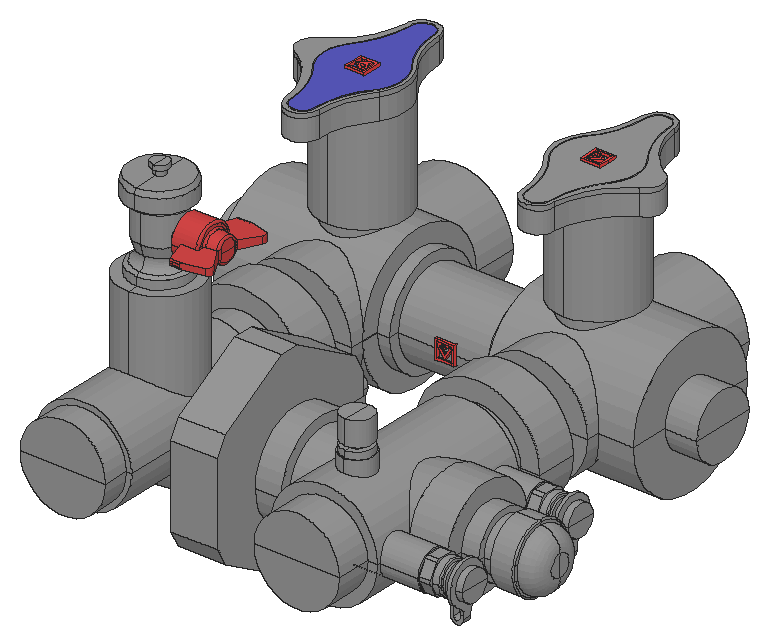
Revit family "HerzCon-Fan-coils and terminal units connection 120mm", category Rohrzubehör, Revit 2021
Family settings
  Bemaßung runder Anschluss = Durchmesser verwenden
  Teiletyp = Unterbricht
  OmniClass-Nummer = 23.65.55.14
  OmniClass-Titel = Valves for Liquid Services
  Arbeitsebenenbasiert = Nein
  Immer vertikal = Ja
  Beim Laden mit Abzugskörper schneiden = Nein
  Gemeinsam genutzt = Nein
Parameters (values of type "DN32")
  kvs-Wert (normal funktion) = 4.57  # constant formula
  kvs-Wert (bypass funktion) = 14.2  # constant formula
  Vorgabe-Ansicht = 0.00 mm
  URL = "www.herzvalves.com"
  SCRNSEQ = "ARM;TYP_ARM=\"DURR\";02"
  SCRNCODE = "05;04;04"  # constant formula
  Part number [instance] = 1460054  # constant formula
  Nennweite SF [instance] = 40.00 mm  # constant formula
  Nennweite Kombi [instance] = 40.00 mm  # constant formula
  Nennweite KH [instance] = 32.00 mm  # constant formula
  Min. operating temperature = -20 °C  # constant formula
  Membranes and O-rings = "EPDM"  # constant formula
  Medium = "Water purity in accordance with the ÖNORM H 5195 and VDI 2035 standards.\r\nEthylene and propylene glycol can be mixed to a ratio of 25 - 50 vol. [%]."
  Max. operating temperature = 130 °C  # constant formula
  Max. operating pressure = 2500000.0 Pa  # constant formula
  Max. differential pressure = 400000.0 Pa  # constant formula
  L11 = 16.00 mm  # constant formula
  L10 = 29.30 mm  # constant formula
  L09 = 20.00 mm  # constant formula
  L08 = 14.75 mm  # constant formula
  L07 = 19.25 mm  # constant formula
  L06 = 17.00 mm  # constant formula
  L05 = 26.50 mm  # constant formula
  L04 = 55.00 mm  # constant formula
  L03 = 22.40 mm  # constant formula
  L02 = 6.10 mm  # constant formula
  L01 = 15.00 mm  # constant formula
  L00 [instance] = 226.20 mm  # constant formula
  KR02 = 18.25 mm  # constant formula
  KR01 = 35.00 mm  # constant formula
  KL09 = 4.70 mm  # constant formula
  KL08 = KL06 + KL07  # 70.70 mm
  KL07 = 21.80 mm  # constant formula
  KL06 = KH01 + KL05  # 48.90 mm
  KL05 = 15.40 mm  # constant formula
  KL04 = 12.00 mm  # constant formula
  KL03 = KH03 - 9.00 mm  # 57.00 mm
  KL02 = 16.00 mm  # constant formula
  KL01 = 114.00 mm  # constant formula
  KH03 = 66.00 mm  # constant formula
  KH02 = KH01 + KD01  # 58.50 mm
  KH01 = 33.50 mm  # constant formula
  KD09 = 11.25 mm  # constant formula
  KD08 = 24.50 mm  # constant formula
  KD07 = 23.30 mm  # constant formula
  KD06 = 15.00 mm  # constant formula
  KD05 = 12.50 mm  # constant formula
  KD04 = 13.90 mm  # constant formula
  KD03 = 20.00 mm  # constant formula
  KD02 = 20.00 mm  # constant formula
  KD01 = 25.00 mm  # constant formula
  Lift = "4 mm"  # constant formula
  Hersteller = "HERZ Armaturen Ges.m.b.H."  # constant formula
  H01 = D02 + 1.00 mm  # 34.00 mm
  D10 = 21.40 mm  # constant formula
  D09 = 13.00 mm  # constant formula
  D08 = 18.40 mm  # constant formula
  D07 = 39.00 mm  # constant formula
  D06 = 45.00 mm  # constant formula
  D05 = 54.50 mm  # constant formula
  D04 = 20.00 mm  # constant formula
  D03 = 24.50 mm  # constant formula
  D02 = 33.00 mm  # constant formula
  D01 = 15.00 mm  # constant formula
  Body = "dezincification-resistant brass"  # constant formula
  Application = "HerzCON has been designed to give a simple connection to fan-coils, or other terminal units, and utilises the HERZ 4006 SMART Pressure Independent Balancing Control Valve with HERZ multifunctional ball valve and a HERZ strainer with HERZ drain valve 2512.\r\nOn/off or modulating 0 – 10 V DC actuators can be fitted and integrated to a BMS if required.\r\nThe unit allows pressure independent control ensuring full stroke regardless of pressure fluctuations, while guaranteeing a constant flow rate to the terminal unit maximising energy efficiency for the system.\r\nThe HerzCON unit also permits flushing and isolating operations to be undertaken.\r\nThis means there is no product differentiation between heating and chilled, one unit does both applications.\r\nThe drain cock fitted to the strainer allows flushing without the need to remove the strainer basket and also allows the strainer basket to be cleaned in-situ."
Reference planes
  plane 1 "Mitte (Vorne/hinten)": y = 0
  plane 2: z = 0
  plane 3 "Mitte (Links/rechts)": x = 0
Forms (mm)
  Revolve 1, solid, material "Messing, weicher Gelbton, geschweißt", detail levels fine
    sketch origin (0, -1.436, 0) x (1, 0, 0) y (0, 1, 0)
      loop
        line (-113.1, 1.436) -> (113.1, 1.436) -> (113.1, 16.436) -> (98.1, 16.436) -> (98.1, 34.436) -> (28.5, 34.436) -> (28.5, 25.936) -> (22.4, 25.936) -> (22.4, 21.436) -> (-22.4, 21.436) -> (-22.4, 25.936) -> (-28.5, 25.936) -> (-28.5, 34.436) -> (-98.1, 34.436) -> (-98.1, 16.436) -> (-113.1, 16.436) -> (-113.1, 1.436)
      axis (113.1, 1.436) -> (-113.1, 1.436)
    angle from 0 to 360
  Revolve 2, solid, material "Messing, weicher Gelbton, geschweißt", detail levels fine
    sketch origin (0, 0, 0) x (-1, 0, 0) y (0, 1, 0)
      loop
        line (-55, -57.4) -> (-55, 33.1) -> (-71, 33.1) -> (-71, 54.5) -> (-81.5, 54.5) -> (-81.5, -39) -> (-69.75, -39) -> (-69.75, -51.4) -> (-84.3, -51.4) -> (-84.3, -70.4) -> (-75, -70.4) -> (-75, -57.4) -> (-55, -57.4)
      axis (-55, -70.4) -> (-55, 54.5)
    angle from 0 to 360
  Revolve 3, solid, material "Messing, weicher Gelbton, geschweißt", detail levels fine
    sketch origin (0, 0, 0) x (1, 0, 0) y (0, 0, 1)
      loop
        line (-55, 0) -> (-55, 45) -> (-72, 45) -> (-72, 0) -> (-55, 0)
      axis (-55, 45) -> (-55, 0)
    angle from 0 to 360
  Revolve 4, solid, material "Messing, weicher Gelbton, geschweißt", detail levels fine
    sketch origin (0, 0, 0) x (-1, 0, 0) y (0, 0, 1)
      loop
        line (-55, 0) -> (-55, 45) -> (-72, 45) -> (-72, 0) -> (-55, 0)
      axis (-55, 45) -> (-55, 0)
    angle from 0 to 360
  Revolve 5, solid, material "Messing, weicher Gelbton, geschweißt", detail levels fine
    sketch origin (0, 0, 0) x (1, 0, 0) y (0, 1, 0)
      loop
        line (-55, -57.4) -> (-55, 33.1) -> (-71, 33.1) -> (-71, 54.5) -> (-81.5, 54.5) -> (-81.5, -39) -> (-69.75, -39) -> (-69.75, -51.4) -> (-84.3, -51.4) -> (-84.3, -70.4) -> (-75, -70.4) -> (-75, -57.4) -> (-55, -57.4)
      axis (-55, -70.4) -> (-55, 54.5)
    angle from 0 to 360
  Revolve 6, solid, material "Messing, weicher Gelbton, geschweißt", detail levels fine
    sketch origin (10, 7.177, 0) x (1, 0, 0) y (0, 1, 0)
      loop
        line (45, -68.677) -> (25, -68.677) -> (25, -84.677) -> (20, -84.677) -> (20, -166.677) -> (25, -166.677) -> (25, -182.677) -> (45, -182.677) -> (45, -68.677)
      axis (45, -68.677) -> (45, -182.677)
    angle from 0 to 360
  Revolve 7, solid, material "Messing, weicher Gelbton, geschweißt", detail levels fine
    sketch origin (10, -105.85, 0) x (1, 0, 0) y (0, 1, 0)
      loop
        line (11.5, -12.65) -> (11.5, -32.65) -> (45, -32.65) -> (70, -35.95) -> (87.8, -35.95) -> (87.8, -27.65) -> (96.3, -27.65) -> (96.3, -25.15) -> (102, -25.15) -> (102, -26.55) -> (111, -26.55) -> (111, -12.65) -> (11.5, -12.65)
      axis (11.5, -12.65) -> (111, -12.65)
    angle from 0 to 360
  Revolve 8, solid, material "Messing, weicher Gelbton, geschweißt", detail levels fine
    sketch origin (10, -105.85, 0) x (1, 0, 0) y (0, 1, 0)
      loop
        line (11.5, -12.65) -> (-3.9, -12.65) -> (-3.9, -23.9) -> (-0.5, -23.9) -> (-0.5, -37.15) -> (11.5, -37.15) -> (11.5, -12.65)
      axis (-3.9, -12.65) -> (11.5, -12.65)
    angle from 0 to 360
  Extrusion 9, solid, material "Messing, weicher Gelbton, geschweißt", detail levels fine
    sketch origin (-4.9, 62.574, 0) x (0, 1, 0) y (0, 0, 1)
      loop
        line (-176.324, 46) -> (-185.824, 46) -> (-218.536, 27.114) -> (-223.286, 18.886) -> (-223.286, -18.886) -> (-218.536, -27.114) -> (-185.824, -46) -> (-176.324, -46) -> (-143.612, -27.114) -> (-138.862, -18.886) -> (-138.862, 18.886) -> (-143.612, 27.114) -> (-176.324, 46)
    from 11 to -10.8
  Revolve 10, solid, material "Messing, weicher Gelbton, geschweißt", detail levels fine
    sketch origin (-4.9, -105.85, 0) x (1, 0, 0) y (0, 1, 0)
      loop
        line (-10.8, -12.65) -> (-10.8, 22.35) -> (-15.5, 5.6) -> (-15.5, -12.65) -> (-10.8, -12.65)
      axis (-15.5, -12.65) -> (-10.8, -12.65)
    angle from 0 to 360
  Extrusion 11, solid, material "Messing, weicher Gelbton, geschweißt", detail levels fine
    sketch origin (-4.9, -105.85, 0) x (1, 0, 0) y (0, 0, 1)
      loop
        line (11, 8) -> (-7.5, 8)
        arc (-7.5, 8) -> (-15.5, 0) -> (-7.5, -8) r 8
        line (-7.5, -8) -> (11, -8) -> (11, 8)
    from -30.847 to 12.65
  Revolve 12, solid, material "Messing, weicher Gelbton, geschweißt", detail levels fine
    sketch origin (-4.9, -105.85, 0) x (1, 0, 0) y (0, 1, 0)
      loop
        line (-14.5, 30.847) -> (-7.5, 30.847) -> (-7.5, 46.847) -> (-14.5, 46.847) -> (-14.5, 35.847) -> (-11.5, 35.847) -> (-11.5, 33.847) -> (-14.5, 33.847) -> (-14.5, 30.847)
      axis (-7.5, 46.847) -> (-7.5, 30.847)
    angle from 0 to 360
  Revolve 13, solid, material "Messing, weicher Gelbton, geschweißt", detail levels fine
    sketch origin (55, -105.85, 0) x (0, 1, 0) y (0, 0, 1)
      loop
        line (-34.65, 0) -> (-26.85, 0) -> (-26.85, 31) -> (-27.65, 31) -> (-27.65, 34) -> (-30.65, 34) -> (-30.65, 36) -> (-27.65, 36) -> (-27.65, 47) -> (-34.65, 47) -> (-34.65, 0)
      axis (-34.65, 47) -> (-34.65, 0)
    angle from 0 to 360
  Revolve 14, solid, material "Messing, weicher Gelbton, geschweißt", detail levels fine
    sketch origin (0, 0, 0) x (1, 0, 0) y (0, 1, 0)
      loop
        line (55, -96.5) -> (97.8, -96.5) -> (97.8, -87.5) -> (55, -87.5) -> (55, -96.5)
      axis (97.8, -87.5) -> (55, -87.5)
    angle from 0 to 360
  Revolve 15, solid, material "Messing, weicher Gelbton, geschweißt", detail levels fine
    sketch origin (0, -396.8, 0) x (1, 0, 0) y (0, -1, 0)
      loop
        line (55, -256.3) -> (97.8, -256.3) -> (97.8, -247.3) -> (55, -247.3) -> (55, -256.3)
      axis (97.8, -247.3) -> (55, -247.3)
    angle from 0 to 360
  Revolve 16, solid, material "Messing, weicher Gelbton, geschweißt", detail levels fine
    sketch origin (0, 251.113, 0) x (1, 0, 0) y (0, 1, 0)
      loop
        line (-55, -312.613) -> (-75, -312.613) -> (-75, -335.613) -> (-77.5, -335.613) -> (-77.5, -413.943) -> (-75, -413.943) -> (-75, -425.613) -> (-55, -425.613) -> (-55, -312.613)
      axis (-55, -312.613) -> (-55, -425.613)
    angle from 0 to 360
  Revolve 17, solid, material "Messing, weicher Gelbton, geschweißt", detail levels fine
    sketch origin (-55, 0, 0) x (0, 1, 0) y (0, 0, 1)
      loop
        line (-105, 0) -> (-105, -36)
        arc (-105, -36) -> (-92.506, -32.657) -> (-84.5, -22.5) r 20.5
        line (-84.5, -22.5) -> (-84.5, 0) -> (-105, 0)
      axis (-105, 0) -> (-105, -36)
    angle from 0 to 360
  Revolve 18, solid, material "Messing, weicher Gelbton, geschweißt", detail levels fine
    sketch origin (-55, -511.376, 0) x (0, 1, 0) y (0, 0, 1)
      loop
        line (393.376, 0) -> (411.876, 0) -> (411.876, 57) -> (406.876, 57) -> (406.876, 61) -> (404.999, 62.084)
        arc (404.999, 62.084) -> (402.831, 64.622) -> (402.743, 67.959) r 5
        line (402.743, 67.959) -> (404.381, 73) -> (404.381, 88) -> (406.581, 88) -> (406.581, 89.5) -> (408.361, 89.5) -> (408.361, 96) -> (407.361, 98.5) -> (395.861, 98.5) -> (395.861, 101.5) -> (397.361, 101.5) -> (397.361, 103.5) -> (393.376, 103.5) -> (393.376, 0)
      axis (393.376, 103.5) -> (393.376, 0)
    angle from 0 to 360
  Extrusion 19, solid, material "Messing, weicher Gelbton, geschweißt", detail levels fine
    sketch origin (5.52, -501.459, 12) x (0, 1, 0) y (0, 0, 1)
      loop
        circle (383.459, 65) r 5.5
    from -60.52 to -43.52
Dimensions and locks
  "L00": Revolve 1 sketch curve to Revolve 1 sketch curve
  "L01": Revolve 1 sketch curve to Revolve 1 sketch curve  (x2)
  "L02": Revolve 1 sketch curve to Revolve 1 sketch curve  (x2)
  equal spacing: Revolve 1 sketch curve, plane 3 "Mitte (Links/rechts)", Revolve 1 sketch curve
  "D01": Revolve 1 sketch curve to Revolve 1 sketch curve  (x2)
  "D02": Revolve 1 sketch curve to Revolve 1 sketch curve  (x2)
  "D03": Revolve 1 sketch curve to Revolve 1 sketch curve  (x2)
  "D04": Revolve 1 sketch curve to Revolve 1 sketch curve
  "D04": nested 2 to plane 1 "Mitte (Vorne/hinten)"
  "D04": nested 1 to plane 1 "Mitte (Vorne/hinten)"
  "L03": Revolve 1 sketch curve to plane 3 "Mitte (Links/rechts)" to Revolve 1 sketch curve
  "L05": Revolve 2 sketch curve to Revolve 2 sketch curve
  "L04": plane 3 "Mitte (Links/rechts)" to Revolve 2 sketch curve  (x2)
  "L04": plane 3 "Mitte (Links/rechts)" to Revolve 3 sketch curve  (x2)
  "L06": Revolve 3 sketch curve to Revolve 3 sketch curve
  "D06": Revolve 3 sketch curve to plane 2
  "L06": Revolve 4 sketch curve to Revolve 4 sketch curve
  "D06": Revolve 4 sketch curve to plane 2
  "L04": plane 3 "Mitte (Links/rechts)" to Revolve 4 sketch curve
  "L04": Revolve 4 sketch curve to plane 3 "Mitte (Links/rechts)"
  "L04": plane 3 "Mitte (Links/rechts)" to nested 3
  "L04": nested 4 to plane 3 "Mitte (Links/rechts)"
  "H01": nested 3 to plane 2
  "H01": nested 4 to plane 2
  "D05": plane 1 "Mitte (Vorne/hinten)" to Revolve 2 sketch curve
  "D07": Revolve 2 sketch curve to plane 1 "Mitte (Vorne/hinten)"
  "D08": Revolve 2 sketch curve to Revolve 2 sketch curve
  "L08": Revolve 2 sketch curve to Revolve 2 sketch curve
  "L10": Revolve 2 sketch curve to Revolve 2 sketch curve
  "L09": Revolve 2 sketch curve to Revolve 2 sketch curve
  "D09": Revolve 2 sketch curve to Revolve 2 sketch curve
  "L05": Revolve 5 sketch curve to Revolve 5 sketch curve
  "D08": Revolve 5 sketch curve to Revolve 5 sketch curve
  "L08": Revolve 5 sketch curve to Revolve 5 sketch curve
  "L10": Revolve 5 sketch curve to Revolve 5 sketch curve
  "L09": Revolve 5 sketch curve to Revolve 5 sketch curve
  "D09": Revolve 5 sketch curve to Revolve 5 sketch curve
  "D05": plane 1 "Mitte (Vorne/hinten)" to Revolve 5 sketch curve
  "D07": Revolve 5 sketch curve to plane 1 "Mitte (Vorne/hinten)"
  "L11": Revolve 5 sketch curve to Revolve 5 sketch curve
  "L04": Revolve 5 sketch curve to plane 3 "Mitte (Links/rechts)"  (x2)
  "D10": Revolve 5 sketch curve to Revolve 5 sketch curve
  "L11": Revolve 2 sketch curve to Revolve 2 sketch curve
  "D10": Revolve 2 sketch curve to Revolve 2 sketch curve
  "KD02": Revolve 6 sketch curve to Revolve 6 sketch curve  (x2)
  "KD01": Revolve 6 sketch curve to Revolve 6 sketch curve
  Revolve 6 sketch curve to Revolve 6 sketch curve = 114.00 mm
  "KL02": Revolve 6 sketch curve to Revolve 6 sketch curve  (x2)
  equal spacing: Revolve 6, Revolve 7 sketch curve, Revolve 6  (x2)
  Revolve 7 sketch curve to Revolve 7 sketch curve = 99.50 mm
  Revolve 7 sketch curve to Revolve 7 sketch curve = 9.00 mm
  Revolve 7 sketch curve to Revolve 7 sketch curve = 5.70 mm
  Revolve 7 sketch curve to Revolve 7 sketch curve = 8.50 mm
  "KD04": Revolve 7 sketch curve to Revolve 7 sketch curve
  "KD05": Revolve 7 sketch curve to Revolve 7 sketch curve
  "KD06": Revolve 7 sketch curve to Revolve 7 sketch curve
  "KD03": Revolve 7 sketch curve to Revolve 7 sketch curve
  "KH01": Revolve 7 sketch curve to Revolve 7 sketch curve
  "KH02": Revolve 7 sketch curve to Revolve 7 sketch curve
  "KH01": Revolve 8 sketch curve to Revolve 7
  equal spacing: Revolve 6, Revolve 8 sketch curve, Revolve 6  (x2)
  "KD08": Revolve 8 sketch curve to Revolve 8 sketch curve
  "KD09": Revolve 8 sketch curve to Revolve 8 sketch curve
  "KL05": Revolve 8 sketch curve to Revolve 8 sketch curve
  "KL04": Revolve 8 sketch curve to Revolve 8 sketch curve
  equal spacing: Revolve 6, Revolve 10 sketch curve, Revolve 6  (x2)
  "KR02": Revolve 10 sketch curve to Revolve 10 sketch curve
  "KR01": Revolve 10 sketch curve to Revolve 10 sketch curve
  "KL09": Revolve 10 sketch curve to Extrusion 9
  equal spacing: Revolve 6, nested 5, Revolve 6
  Revolve 12 sketch curve to Revolve 12 sketch curve = 7.00 mm  (x2)
  Revolve 12 sketch curve to Revolve 12 sketch curve = 4.00 mm
  Revolve 12 sketch curve to Revolve 12 sketch curve = 3.00 mm
  Revolve 12 sketch curve to Revolve 12 sketch curve = 2.00 mm
  Revolve 12 sketch curve to Revolve 12 sketch curve = 11.00 mm
  Revolve 10 to Revolve 12 sketch curve = 1.00 mm
  Revolve 10 to Revolve 12 sketch curve = 8.00 mm
  Extrusion 11 to Revolve 12 sketch curve = 43.497 mm
  equal spacing: Revolve 6, Extrusion 11, Revolve 6
  Revolve 13 sketch curve to Revolve 13 sketch curve = 7.80 mm
  Revolve 13 sketch curve to Revolve 13 sketch curve = 7.00 mm  (x2)
  Revolve 13 sketch curve to Revolve 13 sketch curve = 4.00 mm
  Revolve 13 sketch curve to Revolve 13 sketch curve = 3.00 mm
  Revolve 13 sketch curve to Revolve 13 sketch curve = 2.00 mm
  Revolve 13 sketch curve to Revolve 13 sketch curve = 11.00 mm
  "L04": plane 3 "Mitte (Links/rechts)" to Revolve 6 sketch curve  (x2)
  "KH03": Revolve 7 sketch curve to Revolve 7 sketch curve
  "KD07": Revolve 7 sketch curve to Revolve 7 sketch curve
  "KL03": Revolve 7 to nested 5
  "KL06": Extrusion 9 to Revolve 7
  Extrusion 9 sketch curve to Extrusion 9 sketch curve = 92.00 mm  (x3)
  Extrusion 9 sketch curve to Extrusion 9 sketch curve = 84.424 mm  (x3)
  "KL07": Extrusion 9 to Extrusion 9
  "KL08": Revolve 10 sketch curve to Revolve 7
  Revolve 6 to Extrusion 9 sketch curve = 14.788 mm
  Extrusion 9 sketch curve to Revolve 6 = 14.788 mm
  Extrusion 11 sketch curve to Extrusion 11 sketch curve = 26.50 mm
  Revolve 14 sketch curve to Revolve 14 sketch curve = 42.80 mm
  Revolve 14 sketch curve to Revolve 14 sketch curve = 9.00 mm
  Revolve 14 sketch curve to Revolve 6 = 26.00 mm  (x2)
  Revolve 15 sketch curve to Revolve 15 sketch curve = 42.80 mm
  Revolve 15 sketch curve to Revolve 15 sketch curve = 9.00 mm
  Revolve 6 to Revolve 15 sketch curve = 26.00 mm  (x2)
  Revolve 6 to nested 6 = 26.00 mm
  Revolve 7 to nested 6 = 42.80 mm
  nested 7 to Revolve 6 = 26.00 mm
  Revolve 7 to nested 7 = 42.80 mm
  Revolve 13 sketch curve to plane 2 = 31.00 mm
  Revolve 13 sketch curve to Revolve 6 = 35.00 mm  (x2)
  Revolve 2 to Revolve 6 = 230.00 mm
  Revolve 16 sketch curve to Revolve 16 sketch curve = 23.00 mm
  Revolve 16 sketch curve to Revolve 16 sketch curve = 11.67 mm
  Revolve 16 sketch curve to Revolve 16 sketch curve = 113.00 mm
  "L04": Revolve 16 sketch curve to plane 3 "Mitte (Links/rechts)"  (x2)
  Revolve 16 sketch curve to Revolve 16 sketch curve = 20.00 mm  (x2)
  Revolve 16 sketch curve to Revolve 16 sketch curve = 22.50 mm
  Revolve 17 sketch curve to Revolve 17 sketch curve = 22.50 mm
  Revolve 17 sketch curve to Revolve 17 sketch curve = 20.50 mm
  "L04": Revolve 17 to plane 3 "Mitte (Links/rechts)"
  Revolve 18 sketch curve to Revolve 18 sketch curve = 13.50 mm
  "L04": Revolve 18 to plane 3 "Mitte (Links/rechts)"
  Revolve 18 sketch curve to plane 2 = 57.00 mm
  Revolve 18 sketch curve to Revolve 18 sketch curve = 4.00 mm
  equal spacing: Revolve 16, Revolve 18 sketch curve, Revolve 16  (x2)
  "L04": Extrusion 19 to plane 3 "Mitte (Links/rechts)"
  Extrusion 19 to Extrusion 19 = 17.00 mm
  Revolve 18 to Extrusion 19 = 11.00 mm
  Revolve 18 to nested 8 = 11.00 mm
  equal spacing: Revolve 16, nested 8, Revolve 16
  equal spacing: Revolve 16, Extrusion 19 sketch curve, Revolve 16
  Revolve 16 to Revolve 5 = 229.00 mm
  Revolve 16 to Revolve 17 sketch curve = 43.50 mm  (x2)
  plane 2 to Revolve 17 sketch curve = 36.00 mm
  radius of Extrusion 11 sketch curve = 8.00 mm
  radius of Extrusion 19 sketch curve = 5.50 mm
  aligned and locked: level to plane 2
Automatic sketch dimensions
  Extrusion 9 sketch curve to level = 27.114 mm  (x2)
  Extrusion 9 sketch curve to Extrusion 9 sketch curve = 4.75 mm  (x2)
  level to Extrusion 9 sketch curve = 27.114 mm  (x2)
  Extrusion 9 sketch curve to Extrusion 9 sketch curve = 32.712 mm  (x2)
  level to Extrusion 9 sketch curve = 46.00 mm
  Extrusion 9 sketch curve to Extrusion 9 sketch curve = 9.50 mm
  Extrusion 9 sketch curve to Extrusion 9 sketch curve = 8.227 mm  (x2)
  Extrusion 11 sketch curve to level = 0.00 mm
  Extrusion 11 sketch curve to plane 3 "Mitte (Links/rechts)" = 12.40 mm
  Revolve 12 sketch curve to Revolve 12 sketch curve = 1.775 mm
  Revolve 12 sketch curve to Revolve 12 sketch curve = 4.225 mm
  Revolve 13 sketch curve to level = 0.00 mm
  level to Revolve 13 sketch curve = 7.505 mm
  Revolve 13 sketch curve to Revolve 13 sketch curve = 10.256 mm
  plane 3 "Mitte (Links/rechts)" to Revolve 14 sketch curve = 55.00 mm
  Revolve 14 sketch curve to Revolve 14 sketch curve = 12.80 mm
  Revolve 14 sketch curve to Revolve 14 sketch curve = 5.00 mm
  Revolve 15 sketch curve to plane 3 "Mitte (Links/rechts)" = 55.00 mm
  Revolve 15 sketch curve to Revolve 15 sketch curve = 12.80 mm
  Revolve 15 sketch curve to Revolve 15 sketch curve = 5.00 mm
  Revolve 17 sketch curve to level = 0.00 mm
  Revolve 17 sketch curve to Revolve 17 sketch curve = 1.219 mm
  Revolve 17 sketch curve to Revolve 17 sketch curve = 6.00 mm
  Revolve 17 sketch curve to level = 5.00 mm
  Revolve 18 sketch curve to level = 0.00 mm
  Revolve 18 sketch curve to Revolve 18 sketch curve = 2.485 mm
  Revolve 18 sketch curve to Revolve 18 sketch curve = 1.50 mm  (x2)
  level to Revolve 18 sketch curve = 67.959 mm
  Revolve 18 sketch curve to Revolve 18 sketch curve = 6.883 mm
  Revolve 18 sketch curve to Revolve 18 sketch curve = 8.52 mm
  level to Revolve 18 sketch curve = 62.084 mm
  Revolve 18 sketch curve to Revolve 18 sketch curve = 2.255 mm
  Revolve 18 sketch curve to Revolve 18 sketch curve = 2.20 mm
  level to Revolve 18 sketch curve = 98.50 mm
  Revolve 18 sketch curve to Revolve 18 sketch curve = 0.78 mm
  Revolve 18 sketch curve to Revolve 18 sketch curve = 2.50 mm  (x2)
  Revolve 18 sketch curve to Revolve 18 sketch curve = 1.78 mm
  Revolve 18 sketch curve to Revolve 18 sketch curve = 5.041 mm
  Revolve 18 sketch curve to Revolve 18 sketch curve = 10.50 mm
  Revolve 18 sketch curve to Revolve 18 sketch curve = 3.00 mm
  Revolve 18 sketch curve to Revolve 18 sketch curve = 2.00 mm
  Revolve 18 sketch curve to Revolve 18 sketch curve = 8.124 mm
  Revolve 18 sketch curve to Revolve 18 sketch curve = 5.00 mm
  Revolve 18 sketch curve to Revolve 18 sketch curve = 21.227 mm
  level to Extrusion 19 sketch curve = 77.00 mm
  Revolve 1 sketch curve to plane 1 "Mitte (Vorne/hinten)" = 0.00 mm
  plane 1 "Mitte (Vorne/hinten)" to Revolve 1 sketch curve = 0.00 mm
  Revolve 1 sketch curve to Revolve 1 sketch curve = 1904.835 mm  (x2)
  Revolve 2 sketch curve to Revolve 2 sketch curve = 6.00 mm
  Revolve 2 sketch curve to Revolve 2 sketch curve = 7.746 mm
  Revolve 2 sketch curve to Revolve 2 sketch curve = 7.208 mm
  Revolve 3 sketch curve to level = 0.00 mm  (x2)
  Revolve 3 sketch curve to Revolve 3 sketch curve = 6.726 mm
  Revolve 4 sketch curve to level = 0.00 mm  (x2)
  Revolve 4 sketch curve to Revolve 4 sketch curve = 6.726 mm
  Revolve 5 sketch curve to Revolve 5 sketch curve = 6.00 mm
  Revolve 5 sketch curve to Revolve 5 sketch curve = 7.746 mm
  Revolve 5 sketch curve to Revolve 5 sketch curve = 7.208 mm
  plane 1 "Mitte (Vorne/hinten)" to Revolve 6 sketch curve = 175.50 mm
  Revolve 6 sketch curve to Revolve 6 sketch curve = 6.00 mm
  Revolve 6 sketch curve to Revolve 6 sketch curve = 5.00 mm
  plane 3 "Mitte (Links/rechts)" to Revolve 7 sketch curve = 21.50 mm
  Revolve 7 sketch curve to Revolve 7 sketch curve = 5.00 mm
  Revolve 7 sketch curve to Revolve 7 sketch curve = 11.575 mm
  Revolve 8 sketch curve to Revolve 8 sketch curve = 2.197 mm
  Revolve 8 sketch curve to Revolve 8 sketch curve = 3.212 mm
  Revolve 10 sketch curve to Revolve 10 sketch curve = 0.00 mm  (x2)
  plane 1 "Mitte (Vorne/hinten)" to Revolve 16 sketch curve = 174.50 mm
  Revolve 16 sketch curve to Revolve 16 sketch curve = 26.33 mm
  Revolve 16 sketch curve to Revolve 16 sketch curve = 12.00 mm
Nested families
  nested 1: "Herz-Logo-vorne" at (0, -20, 0) x (0, 1, 0) z (0, 0, 1), type "Herz-Logo-vorne", detail levels fine
  nested 2: "Herz-Logo-vorne" at (0, 20, 0) x (0, 1, 0) z (0, 0, 1), type "Herz-Logo-vorne", detail levels fine
  nested 3: "Handrad (blau) für HerzCon DN25-DN32" at (-55, 0, 34) x (0, -1, 0) z (0, 0, 1), type "Handrad (blau) für HerzCon DN25-DN32", detail levels fine
  nested 4: "Handrad (rot) für HerzCon DN25-DN32" at (55, 0, 34) x (0, 1, 0) z (0, 0, 1), type "Handrad (rot) für HerzCon DN25-DN32", detail levels fine
  nested 5: "Bauschutzkappe für HerCon" at (112, -118.5, 0), type "Bauschutzkappe für HerCon", detail levels fine
  nested 6: "Messstutzen_Band_Eintritt" at (80.3, -149.5, 0) x (0, 1, 0) z (0, 0, 1), type "Messstutzen_Band_Eintritt", detail levels fine
    with Schutzkappe yes, Nennweite 0.00 mm, Gewicht 0.00 kg, Bestellnummer 0
  nested 7: "Messstutzen_Band_Austritt" at (80.3, -87.5, 0) x (0, 1, 0) z (0, 0, 1), type "Messstutzen_Band_Austritt", detail levels fine
    with Schutzkappe yes, Nennweite 0.00 mm, Gewicht 0.00 kg, Bestellnummer 0
  nested 8: "Flügelgriff rot (seite)" at (-42, -118, 77), type "Flügelgriff rot (seite)"
Connectors
  piping at (55, -175.5, 0), diameter 40, driven by "Nennweite Kombi"
    settings: on Revolve 6, index 1, connector inside diameter 609.6 mm, connector length 0.00 mm, flow factor 0, pipe flow 0.0 L/s, pressure drop 0.0 Pa, fitting loss kfactor 0, connector angle 0.00°, fixture units 0, engagement length 0.00 mm, angle of deflection 0.00°, flow configuration 0, flow direction 1, fitting loss method 0, system type 7, joint type 0, gender type 0, connector reference index -1, connector utility 0, adjustable connector no, is connector primary yes, connector description ""
  piping at (-55, -174.5, 0), diameter 40, driven by "Nennweite SF"
    settings: on Revolve 16, index 2, connector inside diameter 609.6 mm, connector length 0.00 mm, flow factor 0, pipe flow 0.0 L/s, pressure drop 0.0 Pa, fitting loss kfactor 0, connector angle 0.00°, fixture units 0, engagement length 0.00 mm, angle of deflection 0.00°, flow configuration 0, flow direction 2, fitting loss method 0, system type 8, joint type 0, gender type 0, connector reference index -1, connector utility 0, adjustable connector no, is connector primary no, connector description ""
  piping at (55, 33.1, 0), diameter 32, driven by "Nennweite KH"
    settings: on Revolve 2, index 3, connector inside diameter 609.6 mm, connector length 0.00 mm, flow factor 0, pipe flow 0.0 L/s, pressure drop 0.0 Pa, fitting loss kfactor 0, connector angle 0.00°, fixture units 0, engagement length 0.00 mm, angle of deflection 0.00°, flow configuration 0, flow direction 2, fitting loss method 0, system type 7, joint type 0, gender type 0, connector reference index -1, connector utility 0, adjustable connector no, is connector primary no, connector description ""
  piping at (-55, 33.1, 0), diameter 32, driven by "Nennweite KH"
    settings: on Revolve 5, index 4, connector inside diameter 609.6 mm, connector length 0.00 mm, flow factor 0, pipe flow 0.0 L/s, pressure drop 0.0 Pa, fitting loss kfactor 0, connector angle 0.00°, fixture units 0, engagement length 0.00 mm, angle of deflection 0.00°, flow configuration 0, flow direction 1, fitting loss method 0, system type 8, joint type 0, gender type 0, connector reference index -1, connector utility 0, adjustable connector no, is connector primary no, connector description ""
Definition of nested family "Herz-Logo-vorne"
  Parameters (values of type "Herz-Logo-vorne")
    Default Elevation = 0.00 mm
  Reference planes
    plane 1 "Mitte (Vorne/hinten)": y = 0
    plane 2: z = 0
    plane 3 "Mitte (Links/rechts)": x = 0
  Forms (mm)
    Extrusion 1, solid
      sketch origin (0.732, -0.018, 0.017) x (0, -1, 0) y (0, 0, 1)
        loop
          line (-0.018, -4.517) -> (4.482, -4.517) -> (4.482, 4.483) -> (-4.518, 4.483) -> (-4.518, -4.517) -> (-0.018, -4.517)
        loop
          line (-0.05, -3.48) -> (3.482, -3.48) -> (3.482, 3.483) -> (-3.518, 3.483) -> (-3.518, -3.48) -> (-0.05, -3.48)
        loop
          arc (-0.018, 2.383) -> (-1.543, 3.287) -> (-3.067, 2.383) r 1.738
          arc (-3.067, 2.383) -> (-3.191, 1.899) -> (-3.067, 1.415) r 1.009
          line (-3.067, 1.415) -> (-0.018, -3.281) -> (3.032, 1.415)
          arc (3.032, 1.415) -> (3.156, 1.899) -> (3.032, 2.383) r 1.009
          arc (3.032, 2.383) -> (1.507, 3.287) -> (-0.018, 2.383) r 1.738
        loop
          arc (1.885, 1.272) -> (2.005, 1.675) -> (1.885, 2.079) r 0.74
          arc (1.885, 2.079) -> (1.265, 2.416) -> (0.644, 2.079) r 0.74
          line (0.644, 2.079) -> (-0.018, 0.97) -> (-0.679, 2.079)
          arc (-0.679, 2.079) -> (-1.3, 2.416) -> (-1.921, 2.079) r 0.74
          arc (-1.921, 2.079) -> (-2.04, 1.675) -> (-1.921, 1.272) r 0.74
          line (-1.921, 1.272) -> (-0.018, -1.658) -> (1.885, 1.272)
      from 0 to 1.5
  Dimensions and locks
    aligned and locked: level to plane 2
Definition of nested family "Handrad (blau) für HerzCon DN25-DN32"
  Parameters (values of type "Handrad (blau) für HerzCon DN25-DN32")
    Default Elevation = 0.00 mm
  Reference planes
    plane 1 "Mitte (Vorne/hinten)": y = 0
    plane 2: z = 0
    plane 3 "Mitte (Links/rechts)": x = 0
  Forms (mm)
    Extrusion 1, solid, detail levels fine
      sketch origin (0, 0, 0) x (1, 0, 0) y (0, 1, 0)
        loop
          circle (0, 0) r 20
      from 0 to 45
    Extrusion 2, solid, detail levels fine
      sketch origin (0, 0, 0) x (1, 0, 0) y (0, 1, 0)
        loop
          arc (-35, 7.5) -> (-42.5, 0) -> (-35, -7.5) r 7.5
          arc (-35, -7.5) -> (-19.287, -13.2) -> (-7.275, -24.825) r 40
          arc (-7.275, -24.825) -> (0, -30) -> (7.275, -24.825) r 7.7
          arc (7.275, -24.825) -> (19.287, -13.2) -> (35, -7.5) r 40
          arc (35, -7.5) -> (42.5, 0) -> (35, 7.5) r 7.5
          arc (35, 7.5) -> (22.22, 10.127) -> (10.965, 16.726) r 40
          arc (10.965, 16.726) -> (0, 20) -> (-10.965, 16.726) r 20
          arc (-10.965, 16.726) -> (-22.22, 10.127) -> (-35, 7.5) r 40
      from 45 to 55
    Extrusion 3, solid, detail levels fine
      sketch origin (0, 0, 0) x (1, 0, 0) y (0, 1, 0)
        loop
          arc (-35, 7.5) -> (-42.5, 0) -> (-35, -7.5) r 7.5
          arc (-35, -7.5) -> (-19.287, -13.2) -> (-7.275, -24.825) r 40
          arc (-7.275, -24.825) -> (0, -30) -> (7.275, -24.825) r 7.7
          arc (7.275, -24.825) -> (19.287, -13.2) -> (35, -7.5) r 40
          arc (35, -7.5) -> (42.5, 0) -> (35, 7.5) r 7.5
          arc (35, 7.5) -> (22.22, 10.127) -> (10.965, 16.726) r 40
          arc (10.965, 16.726) -> (0, 20) -> (-10.965, 16.726) r 20
          arc (-10.965, 16.726) -> (-22.22, 10.127) -> (-35, 7.5) r 40
        loop
          arc (-34.965, 5.5) -> (-40.5, 0) -> (-34.965, -5.5) r 5.5
          arc (-34.965, -5.5) -> (-21.579, -8.231) -> (-9.777, -15.113) r 42
          arc (-9.777, -15.113) -> (0, -18) -> (9.777, -15.113) r 18
          arc (9.777, -15.113) -> (21.579, -8.231) -> (34.965, -5.5) r 42
          arc (34.965, -5.5) -> (40.5, 0) -> (34.965, 5.5) r 5.5
          arc (34.965, 5.5) -> (21.579, 8.231) -> (9.777, 15.113) r 42
          arc (9.777, 15.113) -> (0, 18) -> (-9.777, 15.113) r 18
          arc (-9.777, 15.113) -> (-21.579, 8.231) -> (-34.965, 5.5) r 42
      from 55 to 57
    Extrusion 4, solid, detail levels fine
      sketch origin (0, 0, 0) x (1, 0, 0) y (0, 1, 0)
        loop
          arc (-34.965, 5.5) -> (-40.5, 0) -> (-34.965, -5.5) r 5.5
          arc (-34.965, -5.5) -> (-21.579, -8.231) -> (-9.777, -15.113) r 42
          arc (-9.777, -15.113) -> (0, -18) -> (9.777, -15.113) r 18
          arc (9.777, -15.113) -> (21.579, -8.231) -> (34.965, -5.5) r 42
          arc (34.965, -5.5) -> (40.5, 0) -> (34.965, 5.5) r 5.5
          arc (34.965, 5.5) -> (21.579, 8.231) -> (9.777, 15.113) r 42
          arc (9.777, 15.113) -> (0, 18) -> (-9.777, 15.113) r 18
          arc (-9.777, 15.113) -> (-21.579, 8.231) -> (-34.965, 5.5) r 42
      from 55 to 57
  Dimensions and locks
    aligned and locked: level to plane 2
  Nested families
    nested 1: "Herz-Logo" at (0, 0, 56.5), type "Herz-Logo", detail levels fine
  Definition of nested family "Herz-Logo"
    Parameters (values of type "Herz-Logo")
      Default Elevation = 0.00 mm
    Reference planes
      plane 1 "Mitte (Vorne/hinten)": y = 0
      plane 2: z = 0
      plane 3 "Mitte (Links/rechts)": x = 0
    Forms (mm)
      Extrusion 1, solid
        sketch origin (0, 0, 0) x (1, 0, 0) y (0, 1, 0)
          loop
            line (-0.018, -4.517) -> (4.482, -4.517) -> (4.482, 4.483) -> (-4.518, 4.483) -> (-4.518, -4.517) -> (-0.018, -4.517)
          loop
            line (-0.05, -3.48) -> (3.482, -3.48) -> (3.482, 3.483) -> (-3.518, 3.483) -> (-3.518, -3.48) -> (-0.05, -3.48)
          loop
            arc (-0.018, 2.383) -> (-1.543, 3.287) -> (-3.067, 2.383) r 1.738
            arc (-3.067, 2.383) -> (-3.191, 1.899) -> (-3.067, 1.415) r 1.009
            line (-3.067, 1.415) -> (-0.018, -3.281) -> (3.032, 1.415)
            arc (3.032, 1.415) -> (3.156, 1.899) -> (3.032, 2.383) r 1.009
            arc (3.032, 2.383) -> (1.507, 3.287) -> (-0.018, 2.383) r 1.738
          loop
            arc (1.885, 1.272) -> (2.005, 1.675) -> (1.885, 2.079) r 0.74
            arc (1.885, 2.079) -> (1.265, 2.416) -> (0.644, 2.079) r 0.74
            line (0.644, 2.079) -> (-0.018, 0.97) -> (-0.679, 2.079)
            arc (-0.679, 2.079) -> (-1.3, 2.416) -> (-1.921, 2.079) r 0.74
            arc (-1.921, 2.079) -> (-2.04, 1.675) -> (-1.921, 1.272) r 0.74
            line (-1.921, 1.272) -> (-0.018, -1.658) -> (1.885, 1.272)
        from 0 to 1.5
    Dimensions and locks
      aligned and locked: level to plane 2
Definition of nested family "Handrad (rot) für HerzCon DN25-DN32"
  Parameters (values of type "Handrad (rot) für HerzCon DN25-DN32")
    Default Elevation = 0.00 mm
  Reference planes
    plane 1 "Mitte (Vorne/hinten)": y = 0
    plane 2: z = 0
    plane 3 "Mitte (Links/rechts)": x = 0
  Forms (mm)
    Extrusion 1, solid, detail levels fine
      sketch origin (0, 0, 0) x (1, 0, 0) y (0, 1, 0)
        loop
          circle (0, 0) r 20
      from 0 to 45
    Extrusion 2, solid, detail levels fine
      sketch origin (0, 0, 0) x (1, 0, 0) y (0, 1, 0)
        loop
          arc (-35, 7.5) -> (-42.5, 0) -> (-35, -7.5) r 7.5
          arc (-35, -7.5) -> (-19.287, -13.2) -> (-7.275, -24.825) r 40
          arc (-7.275, -24.825) -> (0, -30) -> (7.275, -24.825) r 7.7
          arc (7.275, -24.825) -> (19.287, -13.2) -> (35, -7.5) r 40
          arc (35, -7.5) -> (42.5, 0) -> (35, 7.5) r 7.5
          arc (35, 7.5) -> (22.22, 10.127) -> (10.965, 16.726) r 40
          arc (10.965, 16.726) -> (0, 20) -> (-10.965, 16.726) r 20
          arc (-10.965, 16.726) -> (-22.22, 10.127) -> (-35, 7.5) r 40
      from 45 to 55
    Extrusion 3, solid, detail levels fine
      sketch origin (0, 0, 0) x (1, 0, 0) y (0, 1, 0)
        loop
          arc (-35, 7.5) -> (-42.5, 0) -> (-35, -7.5) r 7.5
          arc (-35, -7.5) -> (-19.287, -13.2) -> (-7.275, -24.825) r 40
          arc (-7.275, -24.825) -> (0, -30) -> (7.275, -24.825) r 7.7
          arc (7.275, -24.825) -> (19.287, -13.2) -> (35, -7.5) r 40
          arc (35, -7.5) -> (42.5, 0) -> (35, 7.5) r 7.5
          arc (35, 7.5) -> (22.22, 10.127) -> (10.965, 16.726) r 40
          arc (10.965, 16.726) -> (0, 20) -> (-10.965, 16.726) r 20
          arc (-10.965, 16.726) -> (-22.22, 10.127) -> (-35, 7.5) r 40
        loop
          arc (-34.965, 5.5) -> (-40.5, 0) -> (-34.965, -5.5) r 5.5
          arc (-34.965, -5.5) -> (-21.579, -8.231) -> (-9.777, -15.113) r 42
          arc (-9.777, -15.113) -> (0, -18) -> (9.777, -15.113) r 18
          arc (9.777, -15.113) -> (21.579, -8.231) -> (34.965, -5.5) r 42
          arc (34.965, -5.5) -> (40.5, 0) -> (34.965, 5.5) r 5.5
          arc (34.965, 5.5) -> (21.579, 8.231) -> (9.777, 15.113) r 42
          arc (9.777, 15.113) -> (0, 18) -> (-9.777, 15.113) r 18
          arc (-9.777, 15.113) -> (-21.579, 8.231) -> (-34.965, 5.5) r 42
      from 55 to 57
    Extrusion 4, solid, detail levels fine
      sketch origin (0, 0, 0) x (1, 0, 0) y (0, 1, 0)
        loop
          arc (-34.965, 5.5) -> (-40.5, 0) -> (-34.965, -5.5) r 5.5
          arc (-34.965, -5.5) -> (-21.579, -8.231) -> (-9.777, -15.113) r 42
          arc (-9.777, -15.113) -> (0, -18) -> (9.777, -15.113) r 18
          arc (9.777, -15.113) -> (21.579, -8.231) -> (34.965, -5.5) r 42
          arc (34.965, -5.5) -> (40.5, 0) -> (34.965, 5.5) r 5.5
          arc (34.965, 5.5) -> (21.579, 8.231) -> (9.777, 15.113) r 42
          arc (9.777, 15.113) -> (0, 18) -> (-9.777, 15.113) r 18
          arc (-9.777, 15.113) -> (-21.579, 8.231) -> (-34.965, 5.5) r 42
      from 55 to 57
  Dimensions and locks
    aligned and locked: level to plane 2
  Nested families
    nested 1: "Herz-Logo" at (0, 0, 56.5), type "Herz-Logo", detail levels fine
  Definition of nested family "Herz-Logo"
    Parameters (values of type "Herz-Logo")
      Default Elevation = 0.00 mm
    Reference planes
      plane 1 "Mitte (Vorne/hinten)": y = 0
      plane 2: z = 0
      plane 3 "Mitte (Links/rechts)": x = 0
    Forms (mm)
      Extrusion 1, solid
        sketch origin (0, 0, 0) x (1, 0, 0) y (0, 1, 0)
          loop
            line (-0.018, -4.517) -> (4.482, -4.517) -> (4.482, 4.483) -> (-4.518, 4.483) -> (-4.518, -4.517) -> (-0.018, -4.517)
          loop
            line (-0.05, -3.48) -> (3.482, -3.48) -> (3.482, 3.483) -> (-3.518, 3.483) -> (-3.518, -3.48) -> (-0.05, -3.48)
          loop
            arc (-0.018, 2.383) -> (-1.543, 3.287) -> (-3.067, 2.383) r 1.738
            arc (-3.067, 2.383) -> (-3.191, 1.899) -> (-3.067, 1.415) r 1.009
            line (-3.067, 1.415) -> (-0.018, -3.281) -> (3.032, 1.415)
            arc (3.032, 1.415) -> (3.156, 1.899) -> (3.032, 2.383) r 1.009
            arc (3.032, 2.383) -> (1.507, 3.287) -> (-0.018, 2.383) r 1.738
          loop
            arc (1.885, 1.272) -> (2.005, 1.675) -> (1.885, 2.079) r 0.74
            arc (1.885, 2.079) -> (1.265, 2.416) -> (0.644, 2.079) r 0.74
            line (0.644, 2.079) -> (-0.018, 0.97) -> (-0.679, 2.079)
            arc (-0.679, 2.079) -> (-1.3, 2.416) -> (-1.921, 2.079) r 0.74
            arc (-1.921, 2.079) -> (-2.04, 1.675) -> (-1.921, 1.272) r 0.74
            line (-1.921, 1.272) -> (-0.018, -1.658) -> (1.885, 1.272)
        from 0 to 1.5
    Dimensions and locks
      aligned and locked: level to plane 2
Definition of nested family "Bauschutzkappe für HerCon"
  Parameters (values of type "Bauschutzkappe für HerCon")
    Default Elevation = 0.00 mm
  Reference planes
    plane 1 "Mitte (Vorne/hinten)": y = 0
    plane 2: z = 0
    plane 3 "Mitte (Links/rechts)": x = 0
  Forms (mm)
    Revolve 1, solid, detail levels fine
      sketch origin (0, 0, 0) x (0, 0, 1) y (-1, 0, 0)
        loop
          line (0, 0) -> (-15.5, 0) -> (-15.5, -10.067)
          arc (-15.5, -10.067) -> (-15.733, -10.629) -> (-15.25, -11) r 0.5
          line (-15.25, -11) -> (-14.093, -11)
          arc (-14.093, -11) -> (-11.457, -17.364) -> (-5.093, -20) r 9
          line (-5.093, -20) -> (0, -20) -> (0, 0)
        axis (0, 0) -> (0, -20)
      angle from 0 to 360
  Dimensions and locks
    aligned and locked: level to plane 2
Definition of nested family "Messstutzen_Band_Eintritt"
  Parameters (values of type "Messstutzen_Band_Eintritt")
    Default Elevation = 0.00 mm
    URL = "www.herz-armaturen.at"
    Schutzkappe [instance] = yes
    Nennweite [instance] = 0.00 mm
    Manufacturer = "Herz Armaturen GmbH"  # constant formula
    Gewicht [instance] = 0.00 kg
    Bestellnummer [instance] = 0
  Reference planes
    plane 1 "Mitte (Vorne/hinten)": y = 0
    plane 2: z = 0
    plane 3 "Mitte (Links/rechts)": x = 0
    plane 4 "Schlaufe 1": y = -27
    plane 5 "Schlaufe 2": y = -31.678
  Forms (mm)
    Revolve 1, solid, detail levels fine
      sketch origin (0, 0, 0) x (1, 0, 0) y (0, 1, 0)
        loop
          line (-7.4, -9) -> (-7.4, -16.5)
          arc (-7.4, -16.5) -> (-7.693, -17.207) -> (-8.4, -17.5) r 1
          line (-8.4, -17.5) -> (-2, -17.5) -> (-2, 0) -> (-5.555, 0) -> (-6.455, -0.9) -> (-6.455, -4.681) -> (-5.843, -5.293)
          arc (-5.843, -5.293) -> (-5.626, -5.617) -> (-5.55, -6) r 1
          line (-5.55, -6) -> (-5.55, -9) -> (-7.4, -9)
        loop
          line (-3.7, -27) -> (-3.7, -30.45) -> (-4.415, -30.863) -> (-4.415, -35.19) -> (-3.805, -35.8) -> (-2, -35.8) -> (-2, -23) -> (-7.9, -23) -> (-7.9, -26.4) -> (-7.3, -27) -> (-3.7, -27)
        axis (0, 0) -> (0, -35.8)
      angle from 0 to 360
    Extrusion 2, solid, detail levels fine
      sketch origin (0, -17.5, 0) x (-1, 0, 0) y (0, 0, -1)
        loop
          line (5.156, -7.07) -> (8.7, -0.93)
          arc (8.7, -0.93) -> (8.75, 0) -> (8.7, 0.93) r 8.75
          line (8.7, 0.93) -> (5.156, 7.07)
          arc (5.156, 7.07) -> (4.375, 7.578) -> (3.544, 8) r 8.75
          line (3.544, 8) -> (-3.544, 8)
          arc (-3.544, 8) -> (-4.375, 7.578) -> (-5.156, 7.07) r 8.75
          line (-5.156, 7.07) -> (-8.7, 0.93)
          arc (-8.7, 0.93) -> (-8.75, 0) -> (-8.7, -0.93) r 8.75
          line (-8.7, -0.93) -> (-5.156, -7.07)
          arc (-5.156, -7.07) -> (-4.375, -7.578) -> (-3.544, -8) r 8.75
          line (-3.544, -8) -> (3.544, -8)
          arc (3.544, -8) -> (4.375, -7.578) -> (5.156, -7.07) r 8.75
      from 0 to 5.5
    Revolve 3, solid, visible <- "Schutzkappe", detail levels fine
      sketch origin (0, 0, 0) x (1, 0, 0) y (0, 1, 0)
        loop
          line (0, -35.878) -> (-3.805, -35.878) -> (-4.415, -35.268) -> (-4.415, -30.178) -> (-6.9, -30.178) -> (-6.9, -31.678) -> (-6.1, -31.678) -> (-6.1, -33.378) -> (-7, -33.378) -> (-7, -36.678) -> (0, -36.678) -> (0, -35.878)
        axis (0, -30.178) -> (0, -36.678)
      angle from 0 to 360
    Extrusion 4, solid, detail levels fine
      sketch origin (0, -27, 0) x (0, 0, -1) y (-1, 0, 0)
        loop
          circle (0, 0) r 3.7
        loop
          arc (5.505, 3.906) -> (-6.75, 0) -> (5.505, -3.906) r 6.75
          arc (5.505, -3.906) -> (7.288, -2.358) -> (9.582, -1.8) r 5
          line (9.582, -1.8) -> (9.582, 1.8)
          arc (9.582, 1.8) -> (7.288, 2.358) -> (5.505, 3.906) r 5
      from 0 to -1.5
    Extrusion 5, solid, detail levels fine
      sketch origin (0, -31.678, 0) x (0, 0, -1) y (-1, 0, 0)
        loop
          circle (0, 0) r 6.1
        loop
          arc (8.652, 4.495) -> (-9.75, 0) -> (8.652, -4.495) r 9.75
          arc (8.652, -4.495) -> (10.493, -2.527) -> (13.089, -1.8) r 5
          line (13.089, -1.8) -> (13.089, 1.8)
          arc (13.089, 1.8) -> (10.493, 2.527) -> (8.652, 4.495) r 5
      from 0 to -1.5
    Sweep 6, solid, detail levels fine
      path origin (0, 0, 0) x (0, 1, 0) y (0, 0, 1)
        loop
          line (-27.75, -9.582) -> (-27.75, -14.522)
          arc (-27.75, -14.522) -> (-30.089, -16.862) -> (-32.428, -14.522) r 2.339
          line (-32.428, -14.522) -> (-32.428, -13.089)
      profile origin (0, -27.75, -12.052) x (1, 0, 0) y (0, 1, 0)
        loop
          line (-1.8, 0.75) -> (-1.8, -0.75) -> (1.8, -0.75) -> (1.8, 0.75) -> (-1.8, 0.75)
  Cuts and joins
    joined: Extrusion 4, Extrusion 5, Sweep 6
  Dimensions and locks
    aligned and locked: level to plane 2
Definition of nested family "Messstutzen_Band_Austritt"
  Parameters (values of type "Messstutzen_Band_Austritt")
    Default Elevation = 0.00 mm
    URL = "www.herz-armaturen.at"
    Schutzkappe [instance] = yes
    Nennweite [instance] = 0.00 mm
    Manufacturer = "Herz Armaturen GmbH"  # constant formula
    Gewicht [instance] = 0.00 kg
    Bestellnummer [instance] = 0
  Reference planes
    plane 1 "Mitte (Vorne/hinten)": y = 0
    plane 2: z = 0
    plane 3 "Mitte (Links/rechts)": x = 0
    plane 4 "Schlaufe 1": y = -27
    plane 5 "Schlaufe 2": y = -31.678
  Forms (mm)
    Revolve 1, solid, detail levels fine
      sketch origin (0, 0, 0) x (1, 0, 0) y (0, 1, 0)
        loop
          line (-7.4, -9) -> (-7.4, -16.5)
          arc (-7.4, -16.5) -> (-7.693, -17.207) -> (-8.4, -17.5) r 1
          line (-8.4, -17.5) -> (-2, -17.5) -> (-2, 0) -> (-5.555, 0) -> (-6.455, -0.9) -> (-6.455, -4.681) -> (-5.843, -5.293)
          arc (-5.843, -5.293) -> (-5.626, -5.617) -> (-5.55, -6) r 1
          line (-5.55, -6) -> (-5.55, -9) -> (-7.4, -9)
        loop
          line (-3.7, -27) -> (-3.7, -30.45) -> (-4.415, -30.863) -> (-4.415, -35.19) -> (-3.805, -35.8) -> (-2, -35.8) -> (-2, -23) -> (-7.9, -23) -> (-7.9, -26.4) -> (-7.3, -27) -> (-3.7, -27)
        axis (0, 0) -> (0, -35.8)
      angle from 0 to 360
    Extrusion 2, solid, detail levels fine
      sketch origin (0, -17.5, 0) x (-1, 0, 0) y (0, 0, -1)
        loop
          line (5.156, -7.07) -> (8.7, -0.93)
          arc (8.7, -0.93) -> (8.75, 0) -> (8.7, 0.93) r 8.75
          line (8.7, 0.93) -> (5.156, 7.07)
          arc (5.156, 7.07) -> (4.375, 7.578) -> (3.544, 8) r 8.75
          line (3.544, 8) -> (-3.544, 8)
          arc (-3.544, 8) -> (-4.375, 7.578) -> (-5.156, 7.07) r 8.75
          line (-5.156, 7.07) -> (-8.7, 0.93)
          arc (-8.7, 0.93) -> (-8.75, 0) -> (-8.7, -0.93) r 8.75
          line (-8.7, -0.93) -> (-5.156, -7.07)
          arc (-5.156, -7.07) -> (-4.375, -7.578) -> (-3.544, -8) r 8.75
          line (-3.544, -8) -> (3.544, -8)
          arc (3.544, -8) -> (4.375, -7.578) -> (5.156, -7.07) r 8.75
      from 0 to 5.5
    Revolve 3, solid, visible <- "Schutzkappe", detail levels fine
      sketch origin (0, 0, 0) x (1, 0, 0) y (0, 1, 0)
        loop
          line (0, -35.878) -> (-3.805, -35.878) -> (-4.415, -35.268) -> (-4.415, -30.178) -> (-6.9, -30.178) -> (-6.9, -31.678) -> (-6.1, -31.678) -> (-6.1, -33.378) -> (-7, -33.378) -> (-7, -36.678) -> (0, -36.678) -> (0, -35.878)
        axis (0, -30.178) -> (0, -36.678)
      angle from 0 to 360
    Extrusion 4, solid, detail levels fine
      sketch origin (0, -27, 0) x (0, 0, -1) y (-1, 0, 0)
        loop
          circle (0, 0) r 3.7
        loop
          arc (5.505, 3.906) -> (-6.75, 0) -> (5.505, -3.906) r 6.75
          arc (5.505, -3.906) -> (7.288, -2.358) -> (9.582, -1.8) r 5
          line (9.582, -1.8) -> (9.582, 1.8)
          arc (9.582, 1.8) -> (7.288, 2.358) -> (5.505, 3.906) r 5
      from 0 to -1.5
    Extrusion 5, solid, detail levels fine
      sketch origin (0, -31.678, 0) x (0, 0, -1) y (-1, 0, 0)
        loop
          circle (0, 0) r 6.1
        loop
          arc (8.652, 4.495) -> (-9.75, 0) -> (8.652, -4.495) r 9.75
          arc (8.652, -4.495) -> (10.493, -2.527) -> (13.089, -1.8) r 5
          line (13.089, -1.8) -> (13.089, 1.8)
          arc (13.089, 1.8) -> (10.493, 2.527) -> (8.652, 4.495) r 5
      from 0 to -1.5
    Sweep 6, solid, detail levels fine
      path origin (0, 0, 0) x (0, 1, 0) y (0, 0, 1)
        loop
          line (-27.75, -9.582) -> (-27.75, -14.522)
          arc (-27.75, -14.522) -> (-30.089, -16.862) -> (-32.428, -14.522) r 2.339
          line (-32.428, -14.522) -> (-32.428, -13.089)
      profile origin (0, -27.75, -12.052) x (1, 0, 0) y (0, 1, 0)
        loop
          line (-1.8, 0.75) -> (-1.8, -0.75) -> (1.8, -0.75) -> (1.8, 0.75) -> (-1.8, 0.75)
  Cuts and joins
    joined: Extrusion 4, Extrusion 5, Sweep 6
  Dimensions and locks
    aligned and locked: level to plane 2
Definition of nested family "Flügelgriff rot (seite)"
  Parameters (values of type "Flügelgriff rot (seite)")
    Default Elevation = 0.00 mm
  Reference planes
    plane 1 "Mitte (Vorne/hinten)": y = 0
    plane 2: z = 0
    plane 3 "Mitte (Links/rechts)": x = 0
  Forms (mm)
    Revolve 1, solid, detail levels fine
      sketch origin (0, 0, 0) x (1, 0, 0) y (0, 1, 0)
        loop
          line (0, 0) -> (0, -9.5) -> (11.143, -9.5)
          arc (11.143, -9.5) -> (11.82, -9.22) -> (12.1, -8.543) r 0.957
          line (12.1, -8.543) -> (12.1, -7.39)
          arc (12.1, -7.39) -> (12.352, -6.723) -> (12.983, -6.39) r 1.008
          line (12.983, -6.39) -> (17.616, -5.81)
          arc (17.616, -5.81) -> (18.248, -5.477) -> (18.5, -4.81) r 1.009
          line (18.5, -4.81) -> (18.5, 0) -> (0, 0)
        axis (18.5, 0) -> (0, 0)
      angle from 0 to 360
    Extrusion 2, solid, detail levels fine
      sketch origin (0, 0, 0) x (0, 1, 0) y (0, 0, 1)
        loop
          arc (-20, -0.627) -> (-19.829, -1.058) -> (-19.409, -1.256) r 0.63
          line (-19.409, -1.256) -> (-4, -2.231) -> (-4, 2.225) -> (-19.471, 1.312)
          arc (-19.471, 1.312) -> (-19.847, 1.137) -> (-20, 0.752) r 0.562
          line (-20, 0.752) -> (-20, -0.627)
        loop
          line (20, -0.627) -> (20, 0.752)
          arc (20, 0.752) -> (19.847, 1.137) -> (19.471, 1.312) r 0.562
          line (19.471, 1.312) -> (4.042, 2.223) -> (4.042, -2.228) -> (19.409, -1.256)
          arc (19.409, -1.256) -> (19.829, -1.058) -> (20, -0.627) r 0.63
      from 4.6 to 23.9
    Extrusion 3, void
      sketch origin (0, 0, 0) x (1, 0, 0) y (0, 1, 0)
        loop
          line (4.6, -9.5) -> (4.6, -20) -> (7.413, -20) -> (4.6, -9.5)
        loop
          line (4.6, 9.5) -> (7.413, 20) -> (4.6, 20) -> (4.6, 9.5)
      from 5 to -5
    Extrusion 4, void
      sketch origin (0, 0, 0) x (1, 0, 0) y (0, 1, 0)
        loop
          line (18.5, -5.5) -> (23.633, -14.401)
          arc (23.633, -14.401) -> (23.744, -16.174) -> (22.401, -17.336) r 2
          line (22.401, -17.336) -> (12.113, -20) -> (25.076, -20) -> (25.076, 20) -> (12.113, 20) -> (22.401, 17.336)
          arc (22.401, 17.336) -> (23.744, 16.174) -> (23.633, 14.401) r 2
          line (23.633, 14.401) -> (18.5, 5.5) -> (18.5, -5.5)
      from 5 to -5
  Cuts and joins
    Extrusion 3, Extrusion 4 cuts Extrusion 2
    Extrusion 4 cuts Revolve 1
  Dimensions and locks
    aligned and locked: level to plane 2
